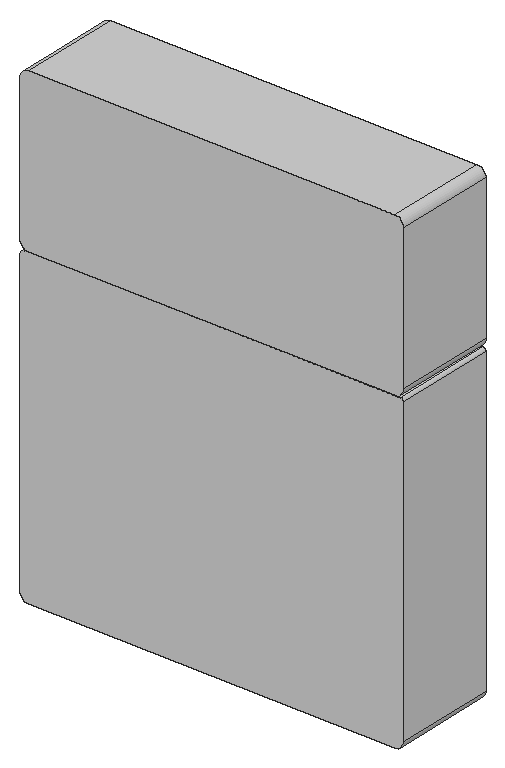
Revit family "Building-IEC309Boards-GEWISS-68QDIN-DISTRIBUTION-BOARD-20MOD_BLANK", category Attrezzatura elettrica, host Muro, Revit 2016
Family settings
  Host = Muro
  Configurazione quadro = Due colonne, circuiti in orizzontale
  Tipo di parte = Pannello comandi
  Quota connettore circolare = Usa diametro
  Numero OmniClass = 23.80.30.11.17
  Titolo OmniClass = Distribution Boards and Control Panels
  Sempre verticale = Sì
  Taglio con vuoti quando caricato = No
  Condiviso = No
  Punto di calcolo locali = No
Parameters (values of type "GW68012N - Q-DIN 20M BLIND COV. 560x450x135 IP65")
  potenza = 400 V
  Voltaggio = "400V"
  Vista di pianta [instance] = yes
  Vetro = GEWISS - vetro
  Version type = "Empty"
  Version file RFA = "18.0"
  URL = "https://www.gewiss.com/ww/en"
  Thermo-pressure with ball = "70 °C"
  Technical sheet = "https://www.gewiss.com/ww/en/search?q=GW68012N"
  Struttura = GEWISS - Grigio RAL - 7035
  Simbolo Acceso [instance] = yes
  Shock resistance = "IK09"
  SEO = "Board"
  Realized by GEWISS S.p.A. = ""
  Produttore = "GEWISS S.p.A."
  Presa = GEWISS - Grigio RAL - 7035
  Operating temperature: = "-25 +40 °C"
  Offset etichetta nome quadro [instance] = 125 mm
  Numero di poli = 3
  Panel Name [instance] = "NOME"
  No. of provided blank lids = "-"
  No. of modules EN 50022 = "20"
  Modello = "GW68012N"
  Lunghezza = 450 mm
  Insulation class = "II"
  Installation type = "Surface-mounting"
  Immagine tipo = GW68012N.jpg
  IP degree = "IP65"
  IFC.TypeObject = ""
  IFC.ExportType = ""
  IFC.ExportAs = ""
  IDT = "91d94f96-0e3b-43d6-a2ed-d5af9a5ddb7e"
  IDF = "2b8a1711-d5c4-4269-b05b-5eb5a256160b"
  Houseable socket = "Blank lid"
  H_da terra = 1200 mm
  Glow Wire Test = "650°C"
  Electrocod = "2242"
  ETICHETTA NOME QUADRO [instance] = yes
  EAN code = "8011564744820"
  Distanza orizzontale del simbolo [instance] = 0 mm
  Distanza dal muro [instance] = 0 mm
  Dispersible power B (W) = "92"
  Dispersible power A (W) = "30"
  Descrizione = "Q-DIN 20M BLIND COV. 560x450x135 IP65"
  Colour = "Grey RAL 7035"
  Classificazione carico = Altro
  Catalogue Range = "68 QDIN"
  Catalogue = "BUILDING"
  Carico apparente = 0 VA
  Cornice simbolo [instance] = no
  COBie.Tagnumber = ""
  COBie.CreatedOn = ""
  COBie.CreatebBy = ""
  COBie.ComponentRegisterItemID = ""
  COBie.Component.TagNumber = ""
  COBie.Component.Space = ""
  COBie.Component.SerialNumber = ""
  COBie.Component.InstallationDate = ""
  COBie.Component.Description = ""
  COBie.Component.BarCode = ""
  Altezza = 560 mm
  Accordance with Standards = "EN 60208 - EN 60670-1 - IEC 60670-24"
Reference planes
  plane 1 "Muro": y = 0
  plane 2 "Centro (Sinistra/Destra)": x = 125
  plane 3 "Indietro": y = 75
  plane 4: z = 1200
  plane 5: x = 125
  plane 6: y = 200
Lines and regions (mm)
  Masking region 1, visible <- "Vista di pianta"
    outline origin (0, 0, 0) x (1, 0, 0) y (0, 1, 0)
      loop
        line (-100, 175) -> (-100, 75) -> (350, 75) -> (350, 175) -> (-100, 175)
  Masking region 2
    outline origin (125, 0, 0) x (0, 1, 0) y (0, 0, 1)
      loop
        line (195, 1033) -> (195, 1200) -> (75, 1200) -> (75, 1033) -> (195, 1033)
  Masking region 3
    outline origin (125, 0, 0) x (0, 1, 0) y (0, 0, 1)
      loop
        line (75, 1033) -> (75, 640) -> (155.196, 640) -> (155.196, 1033) -> (75, 1033)
Text (mm)
  text "Lato posizionamento" at (-1848.837, 1116.779, 0), in view "Livello rif."
  text "Lato posizionamento" at (0, 1409.804, 2854.306), in view "Sinistra"
  text "Lato posizionamento" at (0, 499.811, 2980.732), in view "Destra"
Dimensions and locks
  locked: plane 3 "Indietro" to host wall
  "H_da terra": level to plane 4
  "Offset etichetta nome quadro": host wall to plane 6
  "Distanza orizzontale del simbolo": plane 5 to plane 2 "Centro (Sinistra/Destra)"
  aligned and locked: plane 1 "Muro" to host wall
  aligned and locked: plane 4 to nested 1  (x3)
  aligned and locked: nested 1 to plane 3 "Indietro"
  aligned and locked: nested 2 to plane 6
  aligned and locked: plane 5 to nested 3
  aligned and locked: Masking region 1 to nested 1  (x2)
  aligned and locked: Masking region 2 sketch curve to nested 1  (x3)
  aligned and locked: nested 1 to Masking region 2 sketch curve
  aligned and locked: Masking region 3 sketch curve to nested 1  (x3)
  aligned and locked: nested 1 to Masking region 3 sketch curve
  aligned and locked: plane 2 "Centro (Sinistra/Destra)" to nested 4
  aligned and locked: nested 1 to plane 2 "Centro (Sinistra/Destra)"
  aligned and locked: nested 4 to plane 4
Automatic sketch dimensions
  Masking region 1 sketch curve to host wall = 0 mm
  Masking region 1 sketch curve to plane 2 "Centro (Sinistra/Destra)" = 225 mm
  plane 2 "Centro (Sinistra/Destra)" to Masking region 1 sketch curve = 225 mm
  host wall to Masking region 1 sketch curve = 100 mm
Nested families
  nested 1: "QDIN10 QUADRO VUOTO" at (125, 75, 53.117) x (-1, 0, 0) z (0, 0, 1), type "QDIN10 QUADRO VUOTO"
  nested 2: "NOME QUADRO" at (125, 200, 0), TXT <- "Panel Name", visible <- "ETICHETTA NOME QUADRO", type "NOME QUADRO"
    with TXT "NOME"
  nested 3: "CENTRALINO" at (125, 116.894, 0), BORDO ACCESO <- "Cornice simbolo", SIMBOLO ACCESO <- "Simbolo Acceso", Distanza dal muro <- "Distanza dal muro", type "CENTRALINO"
    with SIMBOLO ACCESO yes, Distanza dal muro 0 mm, BORDO ACCESO no
  nested 4: "2D - QDIN20 QUADRO DISTRIB VUOTO" at (125, 0, 640) x (1, 0, 0) z (0, -1, 0), type "BIDIMENSIONALE"
Connectors
  electrical at (125, 135, 640), driven by "Numero di poli", driven by "Classificazione carico", driven by "potenza", driven by "Carico apparente"
    settings: on nested 1, index 1, voltage 400 V, apparent load 0 VA, apparent load phase1 0 VA, apparent load phase2 0 VA, apparent load phase3 0 VA, power factor 1, load classification "Altro", number of poles 3, system type 31, power factor state 1, is connector primary yes, connector utility no, sub classification motor no, connector description ""
Definition of nested family "QDIN10 QUADRO VUOTO"
  Parameters (values of type "QDIN10 QUADRO VUOTO")
    Vetro = none
    Struttura = none
    Spessore = 160 mm
    Default Elevation = 14 mm
    Presa = none
    Lunghezza = 450 mm
    IFC.TypeObject = ""
    IFC.ExportType = ""
    IFC.ExportAs = ""
    H_da terra = 586.883 mm
    COBie.CreatedOn = ""
    COBie.CreatebBy = ""
    COBie.ComponentRegisterItemID = ""
    COBie.Component.TagNumber = ""
    COBie.Component.Space = ""
    COBie.Component.SerialNumber = ""
    COBie.Component.InstallationDate = ""
    COBie.Component.Description = ""
    COBie.Component.BarCode = ""
    Altezza = 560 mm
  Reference planes
    plane 1 "Centro (Fronte/Retro)": y = 0
    plane 2: z = 0
    plane 3 "Centro (Sinistra/Destra)": x = 0
    plane 4 "s": y = -100
    plane 5: z = 586.883
    plane 6: z = 1146.883
    plane 7: x = -225
    plane 8: x = 225
    plane 9: z = 979.883
    plane 10: y = -80.196
    plane 11: x = -222.597
    plane 12: x = 222.589
    plane 13: z = 989.383
    plane 14: z = 1108.347
    plane 15: y = -46.089
    plane 16: y = -87.126
  Forms (mm)
    Extrusion 1, solid, material <- "Struttura"
      sketch origin (0, 0, 0) x (1, 0, 0) y (0, 0, 1)
        loop
          arc (-215, 1146.883) -> (-222.071, 1143.954) -> (-225, 1136.883) r 10
          line (-225, 1136.883) -> (-225, 967.251)
          arc (-225, 967.251) -> (-222.071, 960.18) -> (-215, 957.251) r 10
          line (-215, 957.251) -> (215, 957.251)
          arc (215, 957.251) -> (222.071, 960.18) -> (225, 967.251) r 10
          line (225, 967.251) -> (225, 1136.883)
          arc (225, 1136.883) -> (222.071, 1143.954) -> (215, 1146.883) r 10
          line (215, 1146.883) -> (-215, 1146.883)
      from 0 to 120
    Extrusion 2, solid, material <- "Struttura"
      sketch origin (0, 0, 0) x (1, 0, 0) y (0, 0, 1)
        loop
          line (217.45, 957.251) -> (-221.38, 957.251)
          arc (-221.38, 957.251) -> (-223.94, 956.191) -> (-225, 953.632) r 3.62
          line (-225, 953.632) -> (-225, 596.883)
          arc (-225, 596.883) -> (-222.071, 589.812) -> (-215, 586.883) r 10
          line (-215, 586.883) -> (215, 586.883)
          arc (215, 586.883) -> (222.071, 589.812) -> (225, 596.883) r 10
          line (225, 596.883) -> (225, 949.701)
          arc (225, 949.701) -> (222.789, 955.04) -> (217.45, 957.251) r 7.55
      from 0 to 120
    Extrusion 3, void
      sketch origin (0, 0, 0) x (1, 0, 0) y (0, 0, 1)
        loop
          line (-222.597, 1108.347) -> (-222.597, 989.383) -> (222.589, 989.383) -> (222.589, 1108.347) -> (-222.597, 1108.347)
      from 46.089 to 120
    Extrusion 4, solid, material <- "Vetro", detail levels fine
      sketch origin (0, 0, 0) x (1, 0, 0) y (0, 0, 1)
        loop
          line (-222.597, 1108.347) -> (-222.597, 989.383) -> (222.589, 989.383) -> (222.589, 1108.347) -> (-222.597, 1108.347)
      from 87.126 to 120.5
  Cuts and joins
    Extrusion 3 cuts Extrusion 1
  Dimensions and locks
    plane 4 "s" to plane 1 "Centro (Fronte/Retro)" = 100 mm  (x2)
    "H_da terra": plane 5 to level
    equal spacing: plane 7, plane 3 "Centro (Sinistra/Destra)", plane 8
    "Lunghezza": plane 7 to plane 8
    locked: plane 4 "s" to plane 10 at 19.804
    locked: plane 6 to plane 14 at 38.537
    locked: plane 13 to plane 9 at 9.5
    locked: plane 7 to plane 11 at 2.403
    locked: plane 12 to plane 8 at 2.411
    locked: plane 4 "s" to plane 15 at 53.911
    locked: plane 4 "s" to plane 16 at 12.874
    "Altezza": plane 6 to plane 5
    locked: plane 14 to plane 13 at 118.963
    aligned and locked: level to plane 2
    aligned and locked: Extrusion 1 sketch curve to plane 6
    aligned and locked: Extrusion 1 sketch curve to plane 8
    aligned and locked: Extrusion 1 sketch curve to plane 7
    aligned and locked: Extrusion 2 sketch curve to plane 8
    aligned and locked: Extrusion 2 sketch curve to plane 7
    aligned and locked: Extrusion 2 sketch curve to plane 5
    aligned and locked: Extrusion 3 sketch curve to plane 14
    aligned and locked: plane 12 to Extrusion 3 sketch curve
    aligned and locked: plane 11 to Extrusion 3 sketch curve
    aligned and locked: Extrusion 3 sketch curve to plane 13
    aligned and locked: plane 15 to cut or joined group of Extrusion 1, Extrusion 3
    aligned and locked: Extrusion 4 sketch curve to plane 14
    aligned and locked: plane 12 to Extrusion 4 sketch curve
    aligned and locked: Extrusion 4 sketch curve to plane 13
    aligned and locked: plane 11 to Extrusion 4 sketch curve
    aligned and locked: plane 16 to Extrusion 4
  Automatic sketch dimensions
    Extrusion 1 sketch curve to Extrusion 1 sketch curve = 10 mm  (x2)
    Extrusion 1 sketch curve to plane 7 = 10 mm
    plane 8 to Extrusion 1 sketch curve = 10 mm
    Extrusion 2 sketch curve to Extrusion 2 sketch curve = 3.62 mm
    Extrusion 2 sketch curve to plane 7 = 10 mm
    Extrusion 2 sketch curve to Extrusion 2 sketch curve = 10 mm
    plane 8 to Extrusion 2 sketch curve = 7.55 mm
    plane 13 to Extrusion 1 sketch curve = 22.132 mm
    plane 9 to Extrusion 2 sketch curve = 30.182 mm
Definition of nested family "NOME QUADRO"
  Parameters (values of type "NOME QUADRO")
    TXT [instance] = ""
  Reference planes
    plane 1: y = 0
    plane 2: x = 0
  Text (mm)
    label "NOME QUADRO" at (0.217, 0.029, 0), shows "TXT"
Definition of nested family "CENTRALINO"
  Parameters (values of type "CENTRALINO")
    SIMBOLO ACCESO [instance] = yes
    Distanza dal muro [instance] = 0 mm
    BORDO ACCESO [instance] = yes
  Reference planes
    plane 1: y = 0
    plane 2: x = 0
  Dimensions and locks
    "Distanza dal muro": plane 1 to nested 1
    aligned and locked: plane 2 to nested 1
  Nested families
    nested 1: "CENTRALINO_BASE" at (0, 0, 0), BORDO ACCESO <- "BORDO ACCESO", visible <- "SIMBOLO ACCESO", type "CENTRALINO"
      with BORDO ACCESO yes
  Definition of nested family "CENTRALINO_BASE"
    Parameters (values of type "CENTRALINO")
      Distanza dal muro = 0 mm
      BORDO ACCESO [instance] = yes
    Reference planes
      plane 1: y = 0
      plane 2: x = 0
    Lines and regions (mm)
      detail lines, visible <- "BORDO ACCESO", not visible
        curve 1: line (-2.443, 10.208, 0) -> (2.057, 10.208, 0)
        curve 2: line (2.057, 10.208, 0) -> (2.057, 4.208, 0)
        curve 3: line (2.057, 4.208, 0) -> (-2.443, 4.208, 0)
        curve 4: line (-2.443, 4.208, 0) -> (-2.443, 10.208, 0)
        curve 5: line (-2.043, 9.808, 0) -> (1.657, 9.808, 0)
        curve 6: line (1.657, 9.808, 0) -> (1.657, 4.608, 0)
        curve 7: line (1.657, 4.608, 0) -> (-2.043, 4.608, 0)
        curve 8: line (-2.043, 4.608, 0) -> (-2.043, 9.808, 0)
      detail lines
        curve 9: line (0, 0.905, 0) -> (0, 0.235, 0)
        curve 10: line (0.659, 0.905, 0) -> (0.659, 1.564, 0)
        curve 11: line (0.659, 1.564, 0) -> (-0.659, 1.564, 0)
        curve 12: line (-0.659, 1.564, 0) -> (-0.659, 0.905, 0)
        curve 13: line (-0.659, 0.905, 0) -> (0.659, 0.905, 0)
        curve 14: line (0.497, 1.564, 0) -> (0.497, 2.235, 0)
        curve 15: line (0.167, 1.564, 0) -> (0.167, 2.235, 0)
        curve 16: line (-0.162, 1.564, 0) -> (-0.162, 2.235, 0)
        curve 17: line (-0.491, 1.564, 0) -> (-0.491, 2.235, 0)
Definition of nested family "2D - QDIN20 QUADRO DISTRIB VUOTO"
  Reference planes
    plane 1 "Centro (Fronte/Retro)": y = 0
    plane 2: z = 0
    plane 3 "Centro (Sinistra/Destra)": x = 0
  Lines and regions (mm)
    model lines, in view "Livello rif."
      curve 1: line (197.291, 357.195, 0) -> (197.291, 494.197, 0)
      curve 2: line (197.291, 494.197, 0) -> (-197.291, 494.197, 0)
      curve 3: line (-197.291, 494.197, 0) -> (-197.291, 357.195, 0)
      curve 4: line (-197.291, 357.195, 0) -> (197.291, 357.195, 0)
      curve 5: line (-225, 545, 0) -> (-225, 15, 0)
      curve 6: line (-225, 15, 0) -> (-224.451, 10.981, 0)
      curve 7: line (-224.451, 10.981, 0) -> (-223.144, 7.773, 0)
      curve 8: line (-223.144, 7.773, 0) -> (-220.607, 4.393, 0)
      curve 9: line (-220.607, 4.393, 0) -> (-217.763, 2.165, 0)
      curve 10: line (-217.763, 2.165, 0) -> (-214.387, 0.656, 0)
      curve 11: line (-214.387, 0.656, 0) -> (-210, 0, 0)
      curve 12: line (-210, 0, 0) -> (210, 0, 0)
      curve 13: line (210, 0, 0) -> (214.387, 0.656, 0)
      curve 14: line (214.387, 0.656, 0) -> (217.763, 2.165, 0)
      curve 15: line (217.763, 2.165, 0) -> (220.607, 4.393, 0)
      curve 16: line (220.607, 4.393, 0) -> (223.144, 7.773, 0)
      curve 17: line (223.144, 7.773, 0) -> (224.451, 10.981, 0)
      curve 18: line (224.451, 10.981, 0) -> (225, 15, 0)
      curve 19: line (225, 15, 0) -> (225, 545, 0)
      curve 20: line (225, 545, 0) -> (224.451, 549.019, 0)
      curve 21: line (224.451, 549.019, 0) -> (223.144, 552.227, 0)
      curve 22: line (223.144, 552.227, 0) -> (220.607, 555.607, 0)
      curve 23: line (220.607, 555.607, 0) -> (217.763, 557.835, 0)
      curve 24: line (217.763, 557.835, 0) -> (214.387, 559.344, 0)
      curve 25: line (214.387, 559.344, 0) -> (210, 560, 0)
      curve 26: line (210, 560, 0) -> (-210, 560, 0)
      curve 27: line (-210, 560, 0) -> (-214.387, 559.344, 0)
      curve 28: line (-214.387, 559.344, 0) -> (-217.763, 557.835, 0)
      curve 29: line (-217.763, 557.835, 0) -> (-220.607, 555.607, 0)
      curve 30: line (-220.607, 555.607, 0) -> (-223.144, 552.227, 0)
      curve 31: line (-223.144, 552.227, 0) -> (-224.451, 549.019, 0)
      curve 32: line (-224.451, 549.019, 0) -> (-225, 545, 0)
      curve 33: line (-179.998, 467.5, 0) -> (180.002, 467.5, 0)
      curve 34: line (180.002, 467.5, 0) -> (180.002, 422.5, 0)
      curve 35: line (180.002, 422.5, 0) -> (-179.998, 422.5, 0)
      curve 36: line (-179.998, 422.5, 0) -> (-179.998, 467.5, 0)
      curve 37: line (-35.454, 376.127, 0) -> (-35, 377.567, 0)
      curve 38: line (-35, 377.567, 0) -> (-35, 379.715, 0)
      curve 39: line (-35, 379.715, 0) -> (-35, 381.972, 0)
      curve 40: line (-35, 381.972, 0) -> (-36.201, 383.745, 0)
      curve 41: line (-36.201, 383.745, 0) -> (-38.012, 386.915, 0)
      curve 42: line (-38.012, 386.915, 0) -> (-40.77, 388.305, 0)
      curve 43: line (-40.77, 388.305, 0) -> (-43.662, 389.192, 0)
      curve 44: line (-43.662, 389.192, 0) -> (-46.027, 389.544, 0)
      curve 45: line (-46.027, 389.544, 0) -> (-47.5, 389.604, 0)
      curve 46: line (-47.5, 389.604, 0) -> (-132.5, 389.604, 0)
      curve 47: line (-132.5, 389.604, 0) -> (-133.973, 389.544, 0)
      curve 48: line (-133.973, 389.544, 0) -> (-136.338, 389.192, 0)
      curve 49: line (-136.338, 389.192, 0) -> (-139.23, 388.305, 0)
      curve 50: line (-139.23, 388.305, 0) -> (-141.988, 386.915, 0)
      curve 51: line (-141.988, 386.915, 0) -> (-143.799, 383.745, 0)
      curve 52: line (-143.799, 383.745, 0) -> (-145, 381.972, 0)
      curve 53: line (-145, 381.972, 0) -> (-145, 379.715, 0)
      curve 54: line (-145, 379.715, 0) -> (-145, 377.567, 0)
      curve 55: line (-145, 377.567, 0) -> (-144.546, 376.127, 0)
      curve 56: line (-47.5, 369.345, 0) -> (-80.224, 369.345, 0)
      curve 57: line (-35.454, 376.127, 0) -> (-33.913, 376.127, 0)
      curve 58: line (-33.913, 376.127, 0) -> (-33.63, 375.959, 0)
      curve 59: line (-33.63, 375.959, 0) -> (-35.818, 373.437, 0)
      curve 60: line (-35.818, 373.437, 0) -> (-39.198, 371.238, 0)
      curve 61: line (-39.198, 371.238, 0) -> (-42.199, 370.036, 0)
      curve 62: line (-42.199, 370.036, 0) -> (-44.774, 369.51, 0)
      curve 63: line (-44.774, 369.51, 0) -> (-47.5, 369.345, 0)
      curve 64: line (-144.182, 373.437, 0) -> (-140.802, 371.238, 0)
      curve 65: line (-140.802, 371.238, 0) -> (-137.801, 370.036, 0)
      curve 66: line (-137.801, 370.036, 0) -> (-135.226, 369.51, 0)
      curve 67: line (-135.226, 369.51, 0) -> (-132.5, 369.345, 0)
      curve 68: line (-132.5, 369.345, 0) -> (-99.776, 369.345, 0)
      curve 69: line (-144.546, 376.127, 0) -> (-146.087, 376.127, 0)
      curve 70: line (-146.087, 376.127, 0) -> (-146.37, 375.959, 0)
      curve 71: line (-146.37, 375.959, 0) -> (-144.182, 373.437, 0)
      curve 72: line (-89.99, 359.037, 0) -> (-94.782, 360.321, 0)
      curve 73: line (-94.782, 360.321, 0) -> (-98.289, 363.829, 0)
      curve 74: line (-98.289, 363.829, 0) -> (-99.573, 368.62, 0)
      curve 75: line (-99.573, 368.62, 0) -> (-98.289, 373.412, 0)
      curve 76: line (-98.289, 373.412, 0) -> (-94.782, 376.919, 0)
      curve 77: line (-94.782, 376.919, 0) -> (-89.99, 378.203, 0)
      curve 78: line (-89.99, 378.203, 0) -> (-85.198, 376.919, 0)
      curve 79: line (-85.198, 376.919, 0) -> (-81.691, 373.412, 0)
      curve 80: line (-81.691, 373.412, 0) -> (-80.407, 368.62, 0)
      curve 81: line (-80.407, 368.62, 0) -> (-81.691, 363.829, 0)
      curve 82: line (-81.691, 363.829, 0) -> (-85.198, 360.321, 0)
      curve 83: line (-85.198, 360.321, 0) -> (-89.99, 359.037, 0)
      curve 84: line (144.549, 376.127, 0) -> (145.003, 377.567, 0)
      curve 85: line (145.003, 377.567, 0) -> (145.003, 379.715, 0)
      curve 86: line (145.003, 379.715, 0) -> (145.003, 381.972, 0)
      curve 87: line (145.003, 381.972, 0) -> (143.803, 383.745, 0)
      curve 88: line (143.803, 383.745, 0) -> (141.991, 386.915, 0)
      curve 89: line (141.991, 386.915, 0) -> (139.234, 388.305, 0)
      curve 90: line (139.234, 388.305, 0) -> (136.342, 389.192, 0)
      curve 91: line (136.342, 389.192, 0) -> (133.976, 389.544, 0)
      curve 92: line (133.976, 389.544, 0) -> (132.503, 389.604, 0)
      curve 93: line (132.503, 389.604, 0) -> (47.503, 389.604, 0)
      curve 94: line (47.503, 389.604, 0) -> (46.031, 389.544, 0)
      curve 95: line (46.031, 389.544, 0) -> (43.665, 389.192, 0)
      curve 96: line (43.665, 389.192, 0) -> (40.773, 388.305, 0)
      curve 97: line (40.773, 388.305, 0) -> (38.016, 386.915, 0)
      curve 98: line (38.016, 386.915, 0) -> (36.204, 383.745, 0)
      curve 99: line (36.204, 383.745, 0) -> (35.003, 381.972, 0)
      curve 100: line (35.003, 381.972, 0) -> (35.003, 379.715, 0)
      curve 101: line (35.003, 379.715, 0) -> (35.003, 377.567, 0)
      curve 102: line (35.003, 377.567, 0) -> (35.458, 376.127, 0)
      curve 103: line (132.503, 369.345, 0) -> (99.78, 369.345, 0)
      curve 104: line (144.549, 376.127, 0) -> (146.091, 376.127, 0)
      curve 105: line (146.091, 376.127, 0) -> (146.374, 375.959, 0)
      curve 106: line (146.374, 375.959, 0) -> (144.186, 373.437, 0)
      curve 107: line (144.186, 373.437, 0) -> (140.806, 371.238, 0)
      curve 108: line (140.806, 371.238, 0) -> (137.804, 370.036, 0)
      curve 109: line (137.804, 370.036, 0) -> (135.229, 369.51, 0)
      curve 110: line (135.229, 369.51, 0) -> (132.503, 369.345, 0)
      curve 111: line (35.821, 373.437, 0) -> (39.201, 371.238, 0)
      curve 112: line (39.201, 371.238, 0) -> (42.203, 370.036, 0)
      curve 113: line (42.203, 370.036, 0) -> (44.778, 369.51, 0)
      curve 114: line (44.778, 369.51, 0) -> (47.503, 369.345, 0)
      curve 115: line (47.503, 369.345, 0) -> (80.227, 369.345, 0)
      curve 116: line (35.458, 376.127, 0) -> (33.916, 376.127, 0)
      curve 117: line (33.916, 376.127, 0) -> (33.633, 375.959, 0)
      curve 118: line (33.633, 375.959, 0) -> (35.821, 373.437, 0)
      curve 119: line (90.014, 359.037, 0) -> (85.222, 360.321, 0)
      curve 120: line (85.222, 360.321, 0) -> (81.714, 363.829, 0)
      curve 121: line (81.714, 363.829, 0) -> (80.43, 368.62, 0)
      curve 122: line (80.43, 368.62, 0) -> (81.714, 373.412, 0)
      curve 123: line (81.714, 373.412, 0) -> (85.222, 376.919, 0)
      curve 124: line (85.222, 376.919, 0) -> (90.014, 378.203, 0)
      curve 125: line (90.014, 378.203, 0) -> (94.805, 376.919, 0)
      curve 126: line (94.805, 376.919, 0) -> (98.313, 373.412, 0)
      curve 127: line (98.313, 373.412, 0) -> (99.597, 368.62, 0)
      curve 128: line (99.597, 368.62, 0) -> (98.313, 363.829, 0)
      curve 129: line (98.313, 363.829, 0) -> (94.805, 360.321, 0)
      curve 130: line (94.805, 360.321, 0) -> (90.014, 359.037, 0)
    detail lines, in view "Livello rif."
      curve 131: line (-197.291, 379.715, 0) -> (197.291, 379.715, 0)
